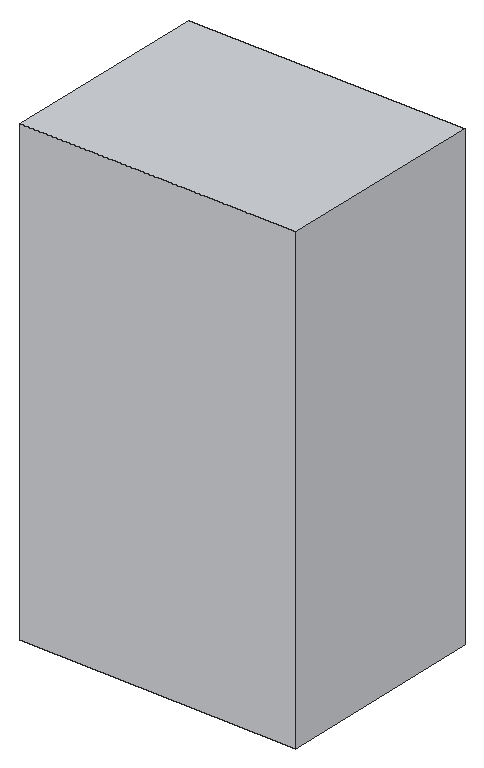
Revit family
Parameters
  Warranty Duration (Years) = 0
  Unit Width [instance] = 0' - 0"
  Unit Height [instance] = 0' - 0"
  Unit Depth = 0' - 0"
  URL = "http://www.americanspecialties.com/viewCategories.cfm"
  Trim Material = Metal - Stainless Steel
  Test Data = ""
  Specification = "http://www.arcat.com/sdspecs/htm/10810asi.htm"
  SpecWizard = ""
  Send Message = "http://www.arcat.com/users.pl?action=UserEmail&company=American%20Specialties,%20Inc.&coid=30448&rep=139&fax=914-476-0688&mf="
  Sales Information = "http://www.americanspecialties.com/contact"
  Revision = "R1_10-2010"
  Product Properties = "http://www.americanspecialties.com/datasheets/0852.pdf"
  Product Data = "http://www.arcat.com/arcatcos/cos30/arc30448.html"
  Model = "As Specified in 10 28 13"
  Manufacturer Website = "http://www.americanspecialties.com/viewCategories.cfm"
  Manufacturer Phone - Toll Free = ""
  Manufacturer Phone = "914-476-9000 "
  Manufacturer Fax = "914-476-0688"
  Manufacturer Address = "441 Saw Mill River Rd., Yonkers, NY 10701"
  Manufacturer = "American Specialties, Inc."
  Maintenance Schedule (Months) = 0
  Keynote = "10 28 13"
  Installation-Fabrication = "http://www.americanspecialties.com/products.cfm"
  Green Building-LEED = ""
  Expected Lifespan (Years) = 0
  Drawn By = "Robert S. Weygant. CSI, CDT, SCIP"  # constant formula
  Description = "Toilet Accessory as Specified in 10 28 13"
  Default Elevation = 4' - 0"
  Copyright = "©Arcat Inc."
  Construction Details = "http://www.arcat.com/green/clients/leed_data_30448.html"
  Building Codes = "http://www.americanspecialties.com/products.cfm"
  Body Material = Metal - Stainless Steel
  Assembly Code = "C1030210"
Reference planes (in)
  plane 1 "Center (Front/Back)": y = -0.29112
  plane 2 "Floor Line": z = 0
  plane 3 "Center (Left/Right)": x = -0.65843
Forms (in)
  Extrusion 1, solid
    sketch origin (-3, -9, -6) x (0, 0, -1) y (1, 0, 0)
      loop
        line (-82, 26) -> (-82, -19.34712) -> (-6, -19.34712) -> (-6, 26) -> (-82, 26)
    from 9 to -25.60721
  Extrusion 2, solid, material "Metal - Stainless Steel" <- "Body Material"
    sketch origin (3.23143, -3.1821, 0) x (1, 0, 0) y (0, 1, 0)
      loop
        line (-7.63987, 7.33462) -> (-7.63987, -1.85901) -> (-0.13987, -1.85901) -> (-0.13987, 7.33462) -> (-7.63987, 7.33462)
      loop
        arc (-6.80746, 6.01423) -> (-6.63987, 5.57872) -> (-6.47227, 6.01423) r 0.25
        line (-6.47227, 6.01423) -> (-6.57446, 6.34848)
        arc (-6.57446, 6.34848) -> (-6.63987, 6.39688) -> (-6.70527, 6.34848) r 0.06839
        line (-6.70527, 6.34848) -> (-6.80746, 6.01423)
      loop
        line (-0.97227, 6.01423) -> (-1.07446, 6.34848)
        arc (-1.07446, 6.34848) -> (-1.13987, 6.39688) -> (-1.20527, 6.34848) r 0.06839
        line (-1.20527, 6.34848) -> (-1.30746, 6.01423)
        arc (-1.30746, 6.01423) -> (-1.13987, 5.57872) -> (-0.97227, 6.01423) r 0.25
    from 0 to 0.0625
  Extrusion 3, solid, material "Metal - Stainless Steel" <- "Body Material"
    sketch origin (-0.65843, -0.48848, 0) x (0, -1, 0) y (0, 0, -1)
      loop
        line (4.55263, -0.0625) -> (4.49013, -0.0625) -> (4.49013, -3.875) -> (4.55263, -3.875) -> (4.55263, -0.0625)
    from -3.6875 to 3.6875
  Extrusion 4, solid, material "Metal - Stainless Steel" <- "Body Material"
    sketch origin (0, -0.29112, 0) x (1, 0, 0) y (0, 0, 1)
      loop
        line (-4.40843, 0.0625) -> (-4.34593, 0.0625) -> (-4.34593, 3.875) -> (-4.40843, 3.875) -> (-4.40843, 0.0625)
    from -4.44363 to 4.75
  Extrusion 5, solid, material "Metal - Stainless Steel" <- "Body Material"
    sketch origin (-1.31687, -0.29112, 0) x (-1, 0, 0) y (0, 0, -1)
      loop
        line (-4.40843, -0.0625) -> (-4.40843, -3.875) -> (-4.34593, -3.875) -> (-4.34593, -0.0625) -> (-4.40843, -0.0625)
    from -4.44363 to 4.75
  Extrusion 6, solid, material "Metal - Stainless Steel" <- "Body Material"
    sketch origin (3.23143, -3.08835, 3.875) x (1, 0, 0) y (0, 1, 0)
      loop
        line (-7.63987, 7.24087) -> (-7.63987, -1.95276) -> (-0.13987, -1.95276) -> (-0.13987, 7.24087) -> (-7.63987, 7.24087)
    from 0 to 0.0625
  Extrusion 7, solid, material "Metal - Stainless Steel" <- "Body Material"
    sketch origin (-0.65843, -2.13278, -2.25) x (0, 1, 0) y (0, 0, 1)
      loop
        arc (6.6543, 2.25) -> (6.74473, 2.28871) -> (6.77916, 2.38085) r 0.125
        line (6.77916, 2.38085) -> (6.60338, 6.13085)
        arc (6.60338, 6.13085) -> (6.56481, 6.21543) -> (6.47852, 6.25) r 0.125
        line (6.47852, 6.25) -> (6.2853, 6.25) -> (6.2853, 2.25) -> (6.6543, 2.25)
    from -3.9375 to 3.9375
Dimensions and locks (in)
  aligned and locked: Extrusion 1 to level
  aligned and locked: Extrusion 2 to Extrusion 4
  aligned and locked: Extrusion 4 to Extrusion 2
  aligned and locked: Extrusion 3 to Extrusion 4
  aligned and locked: Extrusion 3 to Extrusion 5
  aligned and locked: Extrusion 3 to Extrusion 6  (x2)
  aligned and locked: Extrusion 4 to Extrusion 6
  aligned and locked: Extrusion 4 to Extrusion 5
  aligned and locked: Extrusion 4 to Extrusion 3
  aligned and locked: Extrusion 6 to Extrusion 4
